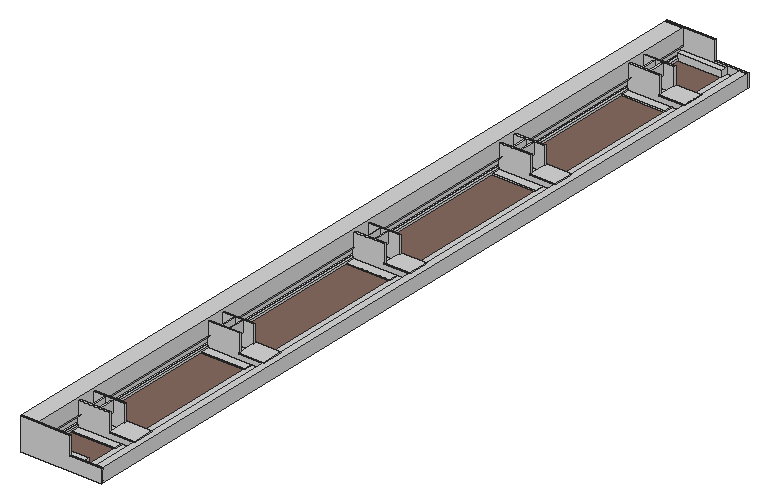
Revit family "MF_UNIVERSAL CORNER 10'_1904649", category Generic Models, Revit 2018
Family settings
  Can host rebar = No
  Round Connector Dimension = Use Diameter
  Part Type = Normal
  OmniClass Number = 35.51.14.00
  OmniClass Title = FORMWORK
  Work Plane-Based = Yes
  Always vertical = No
  Cut with Voids When Loaded = No
  Shared = Yes
  Room Calculation Point = No
Parameters
  VERSION = "20190101"  # constant formula
  URL = "www.ulmaconstruction.com/en"
  UNICLASS = ""
  ITEM_CODE = "1904649"
  Manufacturer = "ULMA CONSTRUCTION"  # constant formula
  FILTER [instance] = ""
  Default Elevation = 0.000 mm
  CLASSIFICATION_TITLE = ""
  CLASSIFICATION_NUMBER = ""
Reference planes
  plane 1 "Centro (Frontal/Posterior)": y = 0
  plane 2: z = 0
  plane 3 "Centro (Izquierda/Derecha)": x = 0
  plane 4 "ITEM_HEIGHT": y = 3048
Forms (mm)
  Extrusion 1, solid, material "ULMA ZINC", detail levels fine
    sketch origin (0, 0, 0) x (1, 0, 0) y (0, 0, 1)
      loop
        line (305.8, 50) -> (280.8, 50) -> (280.8, 47) -> (302.8, 47) -> (302.8, 3) -> (258.8, 3) -> (258.8, 24) -> (230.911, 24) -> (230.911, 20) -> (255.8, 20) -> (255.8, 0) -> (305.8, 0) -> (305.8, 50)
    from -3040 to -8
  Extrusion 2, solid, material "ULMA ZINC", detail levels fine
    sketch origin (0, 0, 0) x (1, 0, 0) y (0, 0, 1)
      loop
        line (64.999, 120) -> (0, 120) -> (0, 0) -> (7.867, 0) -> (7.867, 20) -> (64.999, 20) -> (64.999, 26.5)
        arc (64.999, 26.5) -> (63.974, 28.975) -> (61.499, 30) r 3.5
        line (61.499, 30) -> (54.999, 30)
        arc (54.999, 30) -> (53.231, 30.732) -> (52.499, 32.5) r 2.5
        line (52.499, 32.5) -> (52.499, 48.037)
        arc (52.499, 48.037) -> (52.915, 49.42) -> (54.025, 50.342) r 2.504
        line (54.025, 50.342) -> (61.342, 53.447)
        arc (61.342, 53.447) -> (64.002, 55.659) -> (64.999, 58.971) r 6.001
        line (64.999, 58.971) -> (64.999, 120)
    from -8 to -3040
  Extrusion 3, solid, material "ULMA ZINC", detail levels fine
    sketch origin (0, 0, 0) x (1, 0, 0) y (0, 0, 1)
      loop
        line (64.999, 24) -> (229.999, 24) -> (302.8, 24) -> (302.8, 34.699) -> (290.499, 47) -> (184.8, 47) -> (184.8, 114) -> (64.999, 114) -> (64.999, 24)
    from -197.6 to -191.6
  Extrusion 4, solid, material "ULMA ZINC", detail levels fine
    sketch origin (0, 68, 0) x (1, 0, 0) y (0, 0, 1)
      loop
        line (64.999, 24) -> (229.999, 24) -> (302.8, 24) -> (302.8, 34.699) -> (290.499, 47) -> (184.8, 47) -> (184.8, 114) -> (64.999, 114) -> (64.999, 24)
    from -197.6 to -191.6
  Extrusion 5, solid, material "ULMA ZINC", detail levels fine
    sketch origin (0, 609.6, 0) x (1, 0, 0) y (0, 0, 1)
      loop
        line (64.999, 24) -> (229.999, 24) -> (302.8, 24) -> (302.8, 34.699) -> (290.499, 47) -> (184.8, 47) -> (184.8, 114) -> (64.999, 114) -> (64.999, 24)
    from -197.6 to -191.6
  Extrusion 6, solid, material "ULMA ZINC", detail levels fine
    sketch origin (0, 677.6, 0) x (1, 0, 0) y (0, 0, 1)
      loop
        line (64.999, 24) -> (229.999, 24) -> (302.8, 24) -> (302.8, 34.699) -> (290.499, 47) -> (184.8, 47) -> (184.8, 114) -> (64.999, 114) -> (64.999, 24)
    from -197.6 to -191.6
  Extrusion 7, solid, material "ULMA ZINC", detail levels fine
    sketch origin (0, 0, 0) x (0, 1, 0) y (0, 0, 1)
      loop
        line (259.6, 109) -> (197.6, 109) -> (197.6, 24) -> (217.6, 24) -> (217.6, 69) -> (259.6, 69) -> (259.6, 109)
    from 135.499 to 141.499
  Extrusion 8, solid, material "ULMA ZINC", detail levels fine
    sketch origin (0, 609.6, 0) x (0, 1, 0) y (0, 0, 1)
      loop
        line (259.6, 109) -> (197.6, 109) -> (197.6, 24) -> (217.6, 24) -> (217.6, 69) -> (259.6, 69) -> (259.6, 109)
    from 135.499 to 141.499
  Extrusion 9, solid, material "ULMA ZINC", detail levels fine
    sketch origin (-29, 1066.8, 0) x (0, -1, 0) y (0, 0, -1)
      loop
        line (259.6, -109) -> (259.6, -69) -> (217.6, -69) -> (217.6, -24) -> (197.6, -24) -> (197.6, -109) -> (259.6, -109)
    from 135.499 to 141.499
  Extrusion 10, solid, material "ULMA ZINC", detail levels fine
    sketch origin (-29, 457.2, 0) x (0, -1, 0) y (0, 0, -1)
      loop
        line (259.6, -109) -> (259.6, -69) -> (217.6, -69) -> (217.6, -24) -> (197.6, -24) -> (197.6, -109) -> (259.6, -109)
    from 135.499 to 141.499
  Extrusion 11, solid, material "ULMA ZINC", detail levels fine
    sketch origin (0, 0, 0) x (1, 0, 0) y (0, 1, 0)
      loop
        line (230.911, 298.6) -> (64.999, 298.6) -> (64.999, 158.6) -> (230.911, 158.6) -> (230.911, 298.6)
    from 24 to 20
  Extrusion 12, solid, material "ULMA ZINC", detail levels fine
    sketch origin (0, 457.2, 0) x (1, 0, 0) y (0, 1, 0)
      loop
        line (184.8, 341) -> (280.8, 341) -> (280.8, 421) -> (184.8, 421) -> (184.8, 341)
    from 47 to 50
  Extrusion 13, solid, material "ULMA ZINC", detail levels fine
    sketch origin (0, -152.4, 0) x (1, 0, 0) y (0, 1, 0)
      loop
        line (184.8, 341) -> (280.8, 341) -> (280.8, 421) -> (184.8, 421) -> (184.8, 341)
    from 47 to 50
  Extrusion 14, solid, material "ULMA ZINC", detail levels fine
    sketch origin (0, 0, 0) x (1, 0, 0) y (0, 0, 1)
      loop
        line (184.8, 120) -> (0, 120) -> (0, 0) -> (305.8, 0) -> (305.8, 50) -> (184.8, 50) -> (184.8, 120)
    from 0 to -8
  Extrusion 15, solid, material "ULMA ZINC", detail levels fine
    sketch origin (0, 3040, 0) x (1, 0, 0) y (0, 0, 1)
      loop
        line (184.8, 120) -> (0, 120) -> (0, 0) -> (305.8, 0) -> (305.8, 50) -> (184.8, 50) -> (184.8, 120)
    from 0 to -8
  Extrusion 16, solid, material "ULMA PLYWOOD", detail levels fine
    sketch origin (0, 0, 0) x (1, 0, 0) y (0, 1, 0)
      loop
        line (255.8, 3040) -> (7.867, 3040) -> (7.867, 8) -> (255.8, 8) -> (255.8, 3040)
    from 0 to 20
  Extrusion 17, solid, material "ULMA ZINC", detail levels coarse+medium
    sketch origin (0, 0, 0) x (1, 0, 0) y (0, 0, 1)
      loop
        line (184.8, 120) -> (0, 120) -> (0, 0) -> (305.8, 0) -> (305.8, 50) -> (184.8, 50) -> (184.8, 120)
    from 0 to -3048
  Extrusion 18, solid, material "ULMA ZINC", detail levels fine
    sketch origin (0, 609.6, 0) x (1, 0, 0) y (0, 1, 0)
      loop
        line (230.911, 298.6) -> (64.999, 298.6) -> (64.999, 158.6) -> (230.911, 158.6) -> (230.911, 298.6)
    from 24 to 20
  Extrusion 19, solid, material "ULMA ZINC", detail levels fine
    sketch origin (0, 1295.4, 0) x (1, 0, 0) y (0, 0, 1)
      loop
        line (64.999, 24) -> (229.999, 24) -> (302.8, 24) -> (302.8, 34.699) -> (290.499, 47) -> (184.8, 47) -> (184.8, 114) -> (64.999, 114) -> (64.999, 24)
    from -197.6 to -191.6
  Extrusion 20, solid, material "ULMA ZINC", detail levels fine
    sketch origin (0, 1363.4, 0) x (1, 0, 0) y (0, 0, 1)
      loop
        line (64.999, 24) -> (229.999, 24) -> (302.8, 24) -> (302.8, 34.699) -> (290.499, 47) -> (184.8, 47) -> (184.8, 114) -> (64.999, 114) -> (64.999, 24)
    from -197.6 to -191.6
  Extrusion 21, solid, material "ULMA ZINC", detail levels fine
    sketch origin (0, 1295.4, 0) x (0, 1, 0) y (0, 0, 1)
      loop
        line (259.6, 109) -> (197.6, 109) -> (197.6, 24) -> (217.6, 24) -> (217.6, 69) -> (259.6, 69) -> (259.6, 109)
    from 135.499 to 141.499
  Extrusion 22, solid, material "ULMA ZINC", detail levels fine
    sketch origin (-29, 1752.6, 0) x (0, -1, 0) y (0, 0, -1)
      loop
        line (259.6, -109) -> (259.6, -69) -> (217.6, -69) -> (217.6, -24) -> (197.6, -24) -> (197.6, -109) -> (259.6, -109)
    from 135.499 to 141.499
  Extrusion 23, solid, material "ULMA ZINC", detail levels fine
    sketch origin (0, 1066.8, 0) x (1, 0, 0) y (0, 1, 0)
      loop
        line (184.8, 417.2) -> (280.8, 417.2) -> (280.8, 497.2) -> (184.8, 497.2) -> (184.8, 417.2)
    from 47 to 50
  Extrusion 24, solid, material "ULMA ZINC", detail levels fine
    sketch origin (0, 1295.4, 0) x (1, 0, 0) y (0, 1, 0)
      loop
        line (230.911, 298.6) -> (64.999, 298.6) -> (64.999, 158.6) -> (230.911, 158.6) -> (230.911, 298.6)
    from 24 to 20
  Extrusion 25, solid, material "ULMA ZINC", detail levels fine
    sketch origin (0, 1981.2, 0) x (1, 0, 0) y (0, 0, 1)
      loop
        line (64.999, 24) -> (229.999, 24) -> (302.8, 24) -> (302.8, 34.699) -> (290.499, 47) -> (184.8, 47) -> (184.8, 114) -> (64.999, 114) -> (64.999, 24)
    from -197.6 to -191.6
  Extrusion 26, solid, material "ULMA ZINC", detail levels fine
    sketch origin (0, 2049.2, 0) x (1, 0, 0) y (0, 0, 1)
      loop
        line (64.999, 24) -> (229.999, 24) -> (302.8, 24) -> (302.8, 34.699) -> (290.499, 47) -> (184.8, 47) -> (184.8, 114) -> (64.999, 114) -> (64.999, 24)
    from -197.6 to -191.6
  Extrusion 27, solid, material "ULMA ZINC", detail levels fine
    sketch origin (0, 1981.2, 0) x (0, 1, 0) y (0, 0, 1)
      loop
        line (259.6, 109) -> (197.6, 109) -> (197.6, 24) -> (217.6, 24) -> (217.6, 69) -> (259.6, 69) -> (259.6, 109)
    from 135.499 to 141.499
  Extrusion 28, solid, material "ULMA ZINC", detail levels fine
    sketch origin (-29, 2438.4, 0) x (0, -1, 0) y (0, 0, -1)
      loop
        line (259.6, -109) -> (259.6, -69) -> (217.6, -69) -> (217.6, -24) -> (197.6, -24) -> (197.6, -109) -> (259.6, -109)
    from 135.499 to 141.499
  Extrusion 29, solid, material "ULMA ZINC", detail levels fine
    sketch origin (0, 1828.8, 0) x (1, 0, 0) y (0, 1, 0)
      loop
        line (184.8, 341) -> (280.8, 341) -> (280.8, 421) -> (184.8, 421) -> (184.8, 341)
    from 47 to 50
  Extrusion 30, solid, material "ULMA ZINC", detail levels fine
    sketch origin (0, 1981.2, 0) x (1, 0, 0) y (0, 1, 0)
      loop
        line (230.911, 298.6) -> (64.999, 298.6) -> (64.999, 158.6) -> (230.911, 158.6) -> (230.911, 298.6)
    from 24 to 20
  Extrusion 31, solid, material "ULMA ZINC", detail levels fine
    sketch origin (0, 609.6, 0) x (0, 1, 0) y (0, 0, 1)
      loop
        line (2430.4, 45) -> (2405.4, 45) -> (2405.4, 20) -> (2430.4, 20) -> (2430.4, 45)
    from 64.999 to 230.911
  Extrusion 32, solid, material "ULMA ZINC", detail levels fine
    sketch origin (0, -2397.4, 0) x (0, 1, 0) y (0, 0, 1)
      loop
        line (2430.4, 45) -> (2405.4, 45) -> (2405.4, 20) -> (2430.4, 20) -> (2430.4, 45)
    from 64.999 to 230.911
  Extrusion 33, solid, material "ULMA ZINC", detail levels fine
    sketch origin (0, 2590.8, 0) x (1, 0, 0) y (0, 0, 1)
      loop
        line (64.999, 24) -> (229.999, 24) -> (302.8, 24) -> (302.8, 34.699) -> (290.499, 47) -> (184.8, 47) -> (184.8, 114) -> (64.999, 114) -> (64.999, 24)
    from -197.6 to -191.6
  Extrusion 34, solid, material "ULMA ZINC", detail levels fine
    sketch origin (0, 2658.8, 0) x (1, 0, 0) y (0, 0, 1)
      loop
        line (64.999, 24) -> (229.999, 24) -> (302.8, 24) -> (302.8, 34.699) -> (290.499, 47) -> (184.8, 47) -> (184.8, 114) -> (64.999, 114) -> (64.999, 24)
    from -197.6 to -191.6
  Extrusion 35, solid, material "ULMA ZINC", detail levels fine
    sketch origin (0, 2590.8, 0) x (0, 1, 0) y (0, 0, 1)
      loop
        line (259.6, 109) -> (197.6, 109) -> (197.6, 24) -> (217.6, 24) -> (217.6, 69) -> (259.6, 69) -> (259.6, 109)
    from 135.499 to 141.499
  Extrusion 36, solid, material "ULMA ZINC", detail levels fine
    sketch origin (-29, 3048, 0) x (0, -1, 0) y (0, 0, -1)
      loop
        line (259.6, -109) -> (259.6, -69) -> (217.6, -69) -> (217.6, -24) -> (197.6, -24) -> (197.6, -109) -> (259.6, -109)
    from 135.499 to 141.499
  Extrusion 37, solid, material "ULMA ZINC", detail levels fine
    sketch origin (0, 2590.8, 0) x (1, 0, 0) y (0, 1, 0)
      loop
        line (230.911, 298.6) -> (64.999, 298.6) -> (64.999, 158.6) -> (230.911, 158.6) -> (230.911, 298.6)
    from 24 to 20
  Extrusion 38, solid, material "ULMA ZINC", detail levels fine
    sketch origin (0, 2438.4, 0) x (1, 0, 0) y (0, 1, 0)
      loop
        line (184.8, 341) -> (280.8, 341) -> (280.8, 421) -> (184.8, 421) -> (184.8, 341)
    from 47 to 50
Lines and regions (mm)
  model lines, style "ULMA PANELS", detail levels fine
    curve 1: circle (152.4, 0, 81) r 10 normal (0, 1, 0)
    curve 2: circle (262.8, 0, 7) r 5 normal (0, 1, 0)
    curve 3: circle (8, 0, 113) r 5 normal (0, 1, 0)
    curve 4: arc (47, 0, 35) -> (42, 0, 40) -> (47, 0, 45) r 5
    curve 5: line (47, 0, 45) -> (57, 0, 45)
    curve 6: arc (57, 0, 45) -> (62, 0, 40) -> (57, 0, 35) r 5
    curve 7: line (57, 0, 35) -> (47, 0, 35)
    curve 8: arc (5, 0, 28) -> (10, 0, 33) -> (15, 0, 28) r 5
    curve 9: line (15, 0, 28) -> (15, 0, 18)
    curve 10: arc (15, 0, 18) -> (10, 0, 13) -> (5, 0, 18) r 5
    curve 11: line (5, 0, 18) -> (5, 0, 28)
    curve 12: circle (152.4, 3048, 81) r 10 normal (0, 1, 0)
    curve 13: circle (262.8, 3048, 7) r 5 normal (0, 1, 0)
    curve 14: circle (8, 3048, 113) r 5 normal (0, 1, 0)
    curve 15: arc (47, 3048, 35) -> (42, 3048, 40) -> (47, 3048, 45) r 5
    curve 16: line (47, 3048, 45) -> (57, 3048, 45)
    curve 17: arc (57, 3048, 45) -> (62, 3048, 40) -> (57, 3048, 35) r 5
    curve 18: line (57, 3048, 35) -> (47, 3048, 35)
    curve 19: arc (5, 3048, 28) -> (10, 3048, 33) -> (15, 3048, 28) r 5
    curve 20: line (15, 3048, 28) -> (15, 3048, 18)
    curve 21: arc (15, 3048, 18) -> (10, 3048, 13) -> (5, 3048, 18) r 5
    curve 22: line (5, 3048, 18) -> (5, 3048, 28)
    curve 23: arc (12.407, 554.897, 0) -> (30.73, 540.075, 0) -> (51.283, 551.609, 0) r 21
    curve 24: arc (51.283, 551.609, 0) -> (53.424, 559.23, 0) -> (52.593, 567.103, 0) r 21.013
    curve 25: arc (52.593, 567.103, 0) -> (34.27, 581.925, 0) -> (13.717, 570.391, 0) r 21
    curve 26: arc (13.717, 570.391, 0) -> (11.576, 562.77, 0) -> (12.407, 554.897, 0) r 21.013
    curve 27: arc (11.5, 549.5, 120) -> (32.5, 528.5, 120) -> (53.5, 549.5, 120) r 21
    curve 28: arc (53.5, 572.5, 120) -> (32.5, 593.5, 120) -> (11.5, 572.5, 120) r 21
    curve 29: line (53.5, 572.5, 120) -> (53.5, 549.5, 120)
    curve 30: line (11.5, 572.5, 120) -> (11.5, 549.5, 120)
    curve 31: arc (12.407, 554.897, 120) -> (30.73, 540.075, 120) -> (51.283, 551.609, 120) r 21
    curve 32: arc (51.283, 551.609, 120) -> (53.424, 559.23, 120) -> (52.593, 567.103, 120) r 21.013
    curve 33: arc (52.593, 567.103, 120) -> (34.27, 581.925, 120) -> (13.717, 570.391, 120) r 21
    curve 34: arc (13.717, 570.391, 120) -> (11.576, 562.77, 120) -> (12.407, 554.897, 120) r 21.013
    curve 35: arc (11.499, 1881.9, 120) -> (32.499, 1860.9, 120) -> (53.499, 1881.9, 120) r 21
    curve 36: arc (53.499, 1904.9, 120) -> (32.499, 1925.9, 120) -> (11.499, 1904.9, 120) r 21
    curve 37: line (11.499, 1904.9, 120) -> (11.499, 1881.9, 120)
    curve 38: line (53.499, 1904.9, 120) -> (53.499, 1881.9, 120)
    curve 39: arc (51.282, 1884.009, 120) -> (53.423, 1891.63, 120) -> (52.592, 1899.503, 120) r 21.013
    curve 40: arc (52.592, 1899.503, 120) -> (34.269, 1914.325, 120) -> (13.716, 1902.791, 120) r 21
    curve 41: arc (13.716, 1902.791, 120) -> (11.575, 1895.17, 120) -> (12.405, 1887.297, 120) r 21.013
    curve 42: arc (12.405, 1887.297, 120) -> (30.729, 1872.475, 120) -> (51.282, 1884.009, 120) r 21
    curve 43: arc (51.282, 1884.009, 0) -> (53.423, 1891.63, 0) -> (52.592, 1899.503, 0) r 21.013
    curve 44: arc (52.592, 1899.503, 0) -> (34.269, 1914.325, 0) -> (13.716, 1902.791, 0) r 21
    curve 45: arc (13.716, 1902.791, 0) -> (11.575, 1895.17, 0) -> (12.405, 1887.297, 0) r 21.013
    curve 46: arc (12.405, 1887.297, 0) -> (30.729, 1872.475, 0) -> (51.282, 1884.009, 0) r 21
    curve 47: circle (152.4, 8, 81) r 10 normal (0, 1, 0)
    curve 48: circle (152.4, 3040, 81) r 10 normal (0, 1, 0)
    curve 49: arc (12.407, 1148.497, 0) -> (30.73, 1133.675, 0) -> (51.283, 1145.209, 0) r 21
    curve 50: arc (51.283, 1145.209, 0) -> (53.424, 1152.83, 0) -> (52.593, 1160.703, 0) r 21.013
    curve 51: arc (52.593, 1160.703, 0) -> (34.27, 1175.525, 0) -> (13.717, 1163.991, 0) r 21
    curve 52: arc (13.717, 1163.991, 0) -> (11.576, 1156.37, 0) -> (12.407, 1148.497, 0) r 21.013
    curve 53: arc (11.5, 1143.1, 120) -> (32.5, 1122.1, 120) -> (53.5, 1143.1, 120) r 21
    curve 54: arc (53.5, 1166.1, 120) -> (32.5, 1187.1, 120) -> (11.5, 1166.1, 120) r 21
    curve 55: line (53.5, 1166.1, 120) -> (53.5, 1143.1, 120)
    curve 56: line (11.5, 1166.1, 120) -> (11.5, 1143.1, 120)
    curve 57: arc (12.407, 1148.497, 120) -> (30.73, 1133.675, 120) -> (51.283, 1145.209, 120) r 21
    curve 58: arc (51.283, 1145.209, 120) -> (53.424, 1152.83, 120) -> (52.593, 1160.703, 120) r 21.013
    curve 59: arc (52.593, 1160.703, 120) -> (34.27, 1175.525, 120) -> (13.717, 1163.991, 120) r 21
    curve 60: arc (13.717, 1163.991, 120) -> (11.576, 1156.37, 120) -> (12.407, 1148.497, 120) r 21.013
    curve 61: arc (12.405, 2480.897, 0) -> (30.729, 2466.075, 0) -> (51.282, 2477.609, 0) r 21
    curve 62: arc (51.282, 2477.609, 0) -> (53.423, 2485.23, 0) -> (52.592, 2493.103, 0) r 21.013
    curve 63: arc (52.592, 2493.103, 0) -> (34.269, 2507.925, 0) -> (13.716, 2496.391, 0) r 21
    curve 64: arc (13.716, 2496.391, 0) -> (11.575, 2488.77, 0) -> (12.405, 2480.897, 0) r 21.013
    curve 65: arc (11.499, 2475.5, 120) -> (32.499, 2454.5, 120) -> (53.499, 2475.5, 120) r 21
    curve 66: arc (53.499, 2498.5, 120) -> (32.499, 2519.5, 120) -> (11.499, 2498.5, 120) r 21
    curve 67: line (53.499, 2498.5, 120) -> (53.499, 2475.5, 120)
    curve 68: line (11.499, 2498.5, 120) -> (11.499, 2475.5, 120)
    curve 69: arc (12.405, 2480.897, 120) -> (30.729, 2466.075, 120) -> (51.282, 2477.609, 120) r 21
    curve 70: arc (51.282, 2477.609, 120) -> (53.423, 2485.23, 120) -> (52.592, 2493.103, 120) r 21.013
    curve 71: arc (52.592, 2493.103, 120) -> (34.269, 2507.925, 120) -> (13.716, 2496.391, 120) r 21
    curve 72: arc (13.716, 2496.391, 120) -> (11.575, 2488.77, 120) -> (12.405, 2480.897, 120) r 21.013
Dimensions and locks
  aligned and locked: level to plane 2
